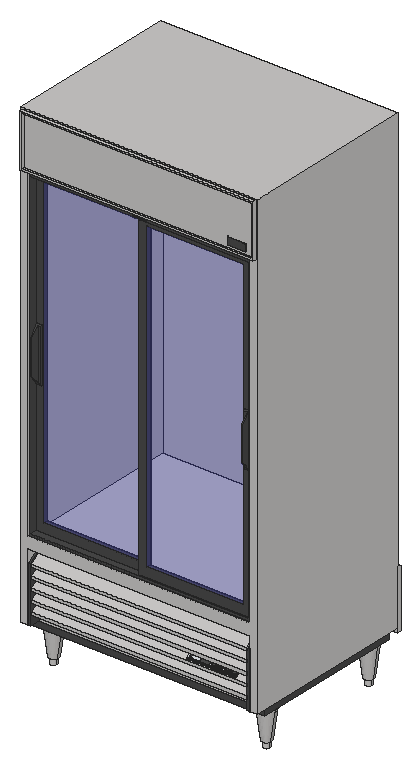
Revit family "QF_TRUE_TSD-33G-HC-LD", category Specialty Equipment, Revit 2016
Family settings
  Part Type = Normal
  Round Connector Dimension = Use Diameter
  Work Plane-Based = No
  Always vertical = Yes
  Cut with Voids When Loaded = No
  Shared = No
  Room Calculation Point = No
Parameters
  Weight in Pounds = 370
  Watts = if(Phase = 3, Volts * FL Amps * 1.73, Volts * FL Amps)  # 747.5 W
  Volts = 115 V
  URL Cutsheet = ""
  Specification by User = ""
  Specification by Manufacturer = ""
  Show Seismic Flanged [instance] = no
  Show Logo [instance] = no
  Show Legs [instance] = yes
  Show 2.5 Inches Castors [instance] = no
  Serial Number = ""
  Seismic Rating = ""
  Seismic Flanged [instance] = and(Show Seismic Flanged, not(Show 4 Inches Castors))  # no
  SMACNA No = ""
  Revision Code = ""
  Phase = 1
  Number of Poles = 1
  NAFEM Spec ID Number = ""
  Model = "TSD-33G-HC-LD"
  Min Ckt Ampacity = 0 A
  Max Overcurrent Protection = 0 A
  Masterspec = ""
  Manufacturer = "TRUE"
  Length = 39 1/2"
  Legs [instance] = and(not(Show 2.5 Inches Castors), or(Show Legs, Show Seismic Flanged))  # yes
  Item Number = ""
  Installed By = ""
  Identify Quantity as Lot = yes
  Height = 84 3/8"
  HP = "1/2"
  Furnished By = ""
  Foodservice Equipment Identifier = yes
  FL Amps = 6.5 A
  Electrical Remarks = ""
  Electric Connection Type = ""
  Elec Conn RI Height = 0"
  Elec Conn Connection Height = 0"
  Description = "REACH-IN SOLID SLIDE DOOR REFRIGERATOR WITH HYDROCARBON REFRIGERANT & LED LIGHTING"
  Depth = 29 13/16"
  Cycle = 60 Hz
  Conn Plug = "NEMA 5-15P"
  Conn Conduit = yes
  Show 4 Inches Castors [instance] = if(Show 2.5 Inches Castors, or(Show Legs, Show Seismic Flanged), if(Show Seismic Flanged, Show Legs, not(or(Show Legs, Show Seismic Flanged, Show 2.5 Inches Castors))))  # no
  CSI MasterFormat = ""
  Base Height [instance] = if(Show 4 Inches Castors, 4", if(Show 2.5 Inches Castors, 2 1/2", if(Show Legs, 6 1/16", if(Show Seismic Flanged, 6 1/16", 4"))))  # 6 1/16"
  Apparent Power = if(Phase = 3, Volts * FL Amps * 1.73, Volts * FL Amps)  # 747.5 VA
  2.5 Inches Castors [instance] = and(Show 2.5 Inches Castors, not(Show 4 Inches Castors))  # no
Reference planes (in)
  plane 1 "BACK": y = 0
  plane 2: z = 0
  plane 3 "LEFT": x = 0
  plane 4 "RIGHT": x = 39.5
  plane 5 "FRONT": y = -29.8125
  plane 6 "TOP": z = 84.375
  plane 7 "Center Y": x = 19.75
  plane 8 "Center X": y = -14.90625
  plane 9: z = 6.0625
  plane 10: y = 0.5
  plane 11: x = 2
  plane 12: x = 37.5
  plane 13: y = -24.90625
  plane 14: y = -3.59375
Dimensions and locks (in)
  equal spacing: plane 3 "LEFT", plane 7 "Center Y", plane 4 "RIGHT"
  "Length": plane 3 "LEFT" to plane 4 "RIGHT"
  equal spacing: plane 5 "FRONT", plane 8 "Center X", plane 1 "BACK"
  "Depth": plane 5 "FRONT" to plane 1 "BACK"
  "Height": plane 6 "TOP" to level
  "Base Height": plane 9 to plane 2
  aligned and locked: level to plane 2
  aligned and locked: plane 9 to nested 1
Nested families (in)
  nested 1: "TSD-33G-HC-LD" at (0, -0.25, 0.0625), type "TSD-33G-HC-LD"
    with Type Mark "", Specification by User "", Revision Code "", Logo yes, Item Number "", Installed By "", Identify Quantity as Lot yes, Furnished By "", Foodservice Equipment Identifier yes
  nested 2: "TRUE_L6_C3.25" at (2, -24.90625, 0), Show Casters <- "Show 4 Inches Castors", Seismic Plate <- "Seismic Flanged", Legs <- "Legs", 2.5 Inches Caster <- "2.5 Inches Castors", type "TRUE_L6_C3.25"
    with Type Mark "", Specification by User "", Show Casters no, Seismic Plate no, Revision Code "", Legs yes, Item Number "", Installed By "", Identify Quantity as Lot yes, Furnished By "", Foodservice Equipment Identifier yes, 2.5 Inches Caster no
  nested 3: "TRUE_L6_C3.25" at (37.5, -24.90625, 0), Show Casters <- "Show 4 Inches Castors", Seismic Plate <- "Seismic Flanged", Legs <- "Legs", 2.5 Inches Caster <- "2.5 Inches Castors", type "TRUE_L6_C3.25"
    with Type Mark "", Specification by User "", Show Casters no, Seismic Plate no, Revision Code "", Legs yes, Item Number "", Installed By "", Identify Quantity as Lot yes, Furnished By "", Foodservice Equipment Identifier yes, 2.5 Inches Caster no
  nested 4: "TRUE_L6_C3.25" at (2, -3.59375, 0), Show Casters <- "Show 4 Inches Castors", Seismic Plate <- "Seismic Flanged", Legs <- "Legs", 2.5 Inches Caster <- "2.5 Inches Castors", type "TRUE_L6_C3.25"
    with Type Mark "", Specification by User "", Show Casters no, Seismic Plate no, Revision Code "", Legs yes, Item Number "", Installed By "", Identify Quantity as Lot yes, Furnished By "", Foodservice Equipment Identifier yes, 2.5 Inches Caster no
  nested 5: "TRUE_L6_C3.25" at (37.5, -3.59375, 0), Show Casters <- "Show 4 Inches Castors", Seismic Plate <- "Seismic Flanged", Legs <- "Legs", 2.5 Inches Caster <- "2.5 Inches Castors", type "TRUE_L6_C3.25"
    with Type Mark "", Specification by User "", Show Casters no, Seismic Plate no, Revision Code "", Legs yes, Item Number "", Installed By "", Identify Quantity as Lot yes, Furnished By "", Foodservice Equipment Identifier yes, 2.5 Inches Caster no
Connectors (in)
  electrical at (19.75, 0.5, 11.625), driven by "Volts", driven by "Watts"
    settings: on nested 1, index 1, voltage 115 V, apparent load 747.5 VA, apparent load phase1 0 VA, apparent load phase2 0 VA, apparent load phase3 0 VA, power factor 1, load classification "Other", number of poles 1, system type 30, power factor state 1, is connector primary yes, connector utility no, sub classification motor no, connector description "ELECTRICAL CONNECTION"
Definition of nested family "TSD-33G-HC-LD"
  Parameters (values of type "TSD-33G-HC-LD")
    URL = "www.truemfg.com"
    Type Mark [instance] = ""
    Type Comments = "www.truemfg.com"
    Specification by User [instance] = ""
    Specification by Manufacturer = ""
    Serial Number = ""
    Seismic Rating = ""
    SMACNA No = ""
    Revision Code [instance] = ""
    Omniclass Number and Title = ""
    NAFEM Spec ID Number = ""
    Model = ""
    MasterSpec. = ""
    Manufacturer = "TRUE FOOD SERVICE EQUIPMENT, INC."
    Logo [instance] = yes
    Item Number [instance] = ""
    Installed By [instance] = ""
    Identify Quantity as Lot [instance] = yes
    Furnished By [instance] = ""
    Foodservice Equipment Identifier [instance] = yes
    Description = ""
    CSI MasterFormat = ""
    CSI Master Format = ""
    Assembly Code = ""
  Reference planes (in)
    plane 1: z = 0
    plane 2 "LEFT": x = 0
    plane 3 "RIGHT": x = 39.5
    plane 4 "FRONT": y = -29.5625
    plane 5 "TOP": z = 84.3125
    plane 6: z = 6
    plane 7: y = -36.15965
    plane 8: y = -36.15965
    plane 9: y = -36.15965
    plane 10: y = 0.25
    plane 11: y = 0.75
  Forms (in)
    Extrusion 1, solid
      sketch origin (0, 0, 1) x (0, 1, 0) y (0, 0, 1)
        loop
          line (-1, 6.375) -> (-27, 6.375) -> (-27, 5) -> (-1, 5) -> (-1, 6.375)
      from 0.5 to 39
    Extrusion 2, solid
      sketch origin (0, -29.875, 0) x (1, 0, 0) y (0, 0, 1)
        loop
          line (0, 84.3125) -> (0, 7.375) -> (1.25, 7.375) -> (1.25, 18.625) -> (38.25, 18.625) -> (38.25, 7.375) -> (39.5, 7.375) -> (39.5, 84.3125) -> (0, 84.3125)
        loop
          line (1.25, 75) -> (1.25, 20.625) -> (38.25, 20.625) -> (38.25, 75) -> (1.25, 75)
      from -28.875 to -0.8125
    Extrusion 3, solid
      sketch origin (0, 0, 0) x (1, 0, 0) y (0, 0, 1)
        loop
          line (0, 84.3125) -> (0, 7.375) -> (39.5, 7.375) -> (39.5, 84.3125) -> (0, 84.3125)
      from -0.25 to 1
    Extrusion 4, solid
      sketch origin (0, -2.45545, 4.4375) x (0, 1, 0) y (0, 0, 1)
        loop
          line (-26.60705, 6.357) -> (-24.90393, 7.56798) -> (-24.90393, 6.22746) -> (-26.60705, 5.01648) -> (-26.60705, 4.55635) -> (-24.90393, 5.76733) -> (-24.90393, 2.9375) -> (-24.04455, 2.9375) -> (-24.04455, 14.1875) -> (-24.90393, 14.1875) -> (-24.90393, 13.42723) -> (-26.60705, 12.21625) -> (-26.60705, 11.75612) -> (-24.90393, 12.9671) -> (-24.90393, 11.62658) -> (-26.60705, 10.4156) -> (-26.60705, 9.95547) -> (-24.90393, 11.16645) -> (-24.90393, 9.82592) -> (-26.60705, 8.61494) -> (-26.60705, 8.14374) -> (-24.90393, 9.35472) -> (-24.90393, 8.01419) -> (-26.60705, 6.80321) -> (-26.60705, 6.357)
      from 1.75 to 37.75
    Extrusion 5, solid
      sketch origin (-0.25, -2.45545, 4.4375) x (0, 1, 0) y (0, 0, 1)
        loop
          line (-24.90393, 13.42723) -> (-26.60705, 12.21625) -> (-26.60705, 2.9375) -> (-24.04455, 2.9375) -> (-24.04455, 14.17051) -> (-24.90393, 14.17051) -> (-24.90393, 13.42723)
      from 1.5 to 2
    Extrusion 6, solid
      sketch origin (39.75, -2.45545, 4.4375) x (0, 1, 0) y (0, 0, -1)
        loop
          line (-24.90393, -14.17051) -> (-24.04455, -14.17051) -> (-24.04455, -2.9375) -> (-26.60705, -2.9375) -> (-26.60705, -12.21625) -> (-24.90393, -13.42723) -> (-24.90393, -14.17051)
      from 1.5 to 2
    Extrusion 7, solid
      sketch origin (0, -29.5625, 0) x (1, 0, 0) y (0, 0, 1)
        loop
          line (0.5625, 75.4375) -> (38.9375, 75.4375) -> (38.9375, 83.8125) -> (0.5625, 83.8125) -> (0.5625, 75.4375)
        loop
          line (39.1875, 75.1875) -> (39.1875, 84.0625) -> (0.3125, 84.0625) -> (0.3125, 75.1875) -> (39.1875, 75.1875)
      from -0.5 to 0
    Extrusion 8, solid
      sketch origin (0, -28.9375, 0) x (1, 0, 0) y (0, 0, 1)
        loop
          line (2.75265, 73.5) -> (2.75265, 22.5) -> (18.87765, 22.5) -> (18.87765, 73.5) -> (2.75265, 73.5)
        loop
          line (1.50265, 21) -> (20.12765, 21) -> (20.12765, 75) -> (1.50265, 75) -> (1.50265, 21)
      from -1.90983 to -1.20983
    Extrusion 9, solid
      sketch origin (17.8697, -29.77233, 0) x (1, 0, 0) y (0, 0, 1)
        loop
          line (2.75265, 73.5) -> (2.75265, 22.5) -> (18.87765, 22.5) -> (18.87765, 73.5) -> (2.75265, 73.5)
        loop
          line (1.50265, 21) -> (20.12765, 21) -> (20.12765, 75) -> (1.50265, 75) -> (1.50265, 21)
      from -1.90983 to -1.20983
    Extrusion 10, solid
      sketch origin (0, -28.9375, 1) x (1, 0, 0) y (0, 0, 1)
        loop
          line (2.75265, 72.5) -> (2.75265, 21.5) -> (18.87765, 21.5) -> (18.87765, 72.5) -> (2.75265, 72.5)
      from -1.90983 to -1.20983
    Extrusion 11, solid
      sketch origin (17.8697, -29.77233, 1) x (1, 0, 0) y (0, 0, 1)
        loop
          line (2.75265, 72.5) -> (2.75265, 21.5) -> (18.87765, 21.5) -> (18.87765, 72.5) -> (2.75265, 72.5)
      from -1.90983 to -1.20983
    Extrusion 12, solid
      sketch origin (0, -28.9375, 0) x (1, 0, 0) y (0, 0, 1)
        loop
          line (1.50265, 74.375) -> (1.50265, 21) -> (37.99735, 21) -> (37.99735, 74.375) -> (1.50265, 74.375)
        loop
          line (1.25, 20.625) -> (38.25, 20.625) -> (38.25, 75) -> (1.25, 75) -> (1.25, 20.625)
      from -2.125 to 0
    Extrusion 13, solid
      sketch origin (0, 0.9375, 0) x (1, 0, 0) y (0, 1, 0)
        loop
          line (1.71617, -28.6875) -> (1.71617, -30) -> (1.91617, -30) -> (1.91617, -28.8875) -> (2.46617, -28.8875) -> (2.46617, -28.6875) -> (1.71617, -28.6875)
      from 42.905 to 52.00141
    Extrusion 14, solid
      sketch origin (12.6875, -4.5625, 8.43646) x (1, 0, 0) y (0, 0, 1)
        loop
          line (21.9155, 68.62885) -> (21.9155, 67.37885) -> (24.9155, 67.37885) -> (24.9155, 68.62885) -> (21.9155, 68.62885)
      from 24.5 to 24.58496
    Extrusion 15, void
      sketch origin (0, 0.9375, 0) x (0, 1, 0) y (0, 0, 1)
        loop
          line (-30, 50.26512) -> (-28.6875, 52.00141) -> (-30, 52.00141) -> (-30, 50.26512)
        loop
          line (-30, 44.64129) -> (-30, 42.905) -> (-28.6875, 42.905) -> (-30, 44.64129)
      from 1.71617 to 2.46617
    Extrusion 16, solid
      sketch origin (39.5, 0.125, 0) x (-1, 0, 0) y (0, -1, 0)
        loop
          line (1.71617, 28.6875) -> (2.46617, 28.6875) -> (2.46617, 28.8875) -> (1.91617, 28.8875) -> (1.91617, 30) -> (1.71617, 30) -> (1.71617, 28.6875)
      from 42.905 to 52.00141
    Extrusion 17, void
      sketch origin (39.5, 0.125, 0) x (0, 1, 0) y (0, 0, -1)
        loop
          line (-30, -50.26512) -> (-30, -52.00141) -> (-28.6875, -52.00141) -> (-30, -50.26512)
        loop
          line (-30, -44.64129) -> (-28.6875, -42.905) -> (-30, -42.905) -> (-30, -44.64129)
      from 1.71617 to 2.46617
    Extrusion 18, solid, visible <- "Logo"
      sketch origin (13.58104, 5.83047, 43.96283) x (1, 0, 0) y (0, 0, 1)
        loop
          line (4.75096, 30.92458) -> (4.7107, 30.83825) -> (5.24616, 30.83825)
          arc (5.24616, 30.83825) -> (5.25703, 30.81904) -> (5.24616, 30.79982) r 0.02243
          line (5.24616, 30.79982) -> (5.1065, 30.50032)
          arc (5.1065, 30.50032) -> (5.10529, 30.47258) -> (5.12405, 30.45211) r 0.03628
          line (5.12405, 30.45211) -> (5.46643, 30.45211)
          arc (5.46643, 30.45211) -> (5.50967, 30.46574) -> (5.53726, 30.50171) r 0.07537
          line (5.53726, 30.50171) -> (5.64717, 30.7374) -> (5.74815, 30.7374)
          arc (5.74815, 30.7374) -> (5.77464, 30.72766) -> (5.77081, 30.69969) r 0.02252
          line (5.77081, 30.69969) -> (5.67884, 30.50248)
          arc (5.67884, 30.50248) -> (5.68027, 30.46973) -> (5.70792, 30.45211) r 0.0355
          line (5.70792, 30.45211) -> (6.00877, 30.45211)
          arc (6.00877, 30.45211) -> (6.03182, 30.4605) -> (6.04408, 30.48174) r 0.03586
          arc (6.04408, 30.48174) -> (6.05276, 30.46079) -> (6.07372, 30.45211) r 0.02963
          line (6.07372, 30.45211) -> (6.26421, 30.45211)
          arc (6.26421, 30.45211) -> (6.28621, 30.45801) -> (6.30232, 30.47412) r 0.04401
          arc (6.30232, 30.47412) -> (6.31003, 30.4555) -> (6.32865, 30.44778) r 0.02633
          line (6.32865, 30.44778) -> (6.59938, 30.44778)
          arc (6.59938, 30.44778) -> (6.62152, 30.45695) -> (6.63069, 30.47909) r 0.0313
          arc (6.63069, 30.47909) -> (6.65098, 30.4588) -> (6.67869, 30.45137) r 0.05543
          line (6.67869, 30.45137) -> (7.18584, 30.45137) -> (7.24217, 30.54894) -> (6.73064, 30.54894)
          arc (6.73064, 30.54894) -> (6.71652, 30.55873) -> (6.716, 30.57591) r 0.01908
          line (6.716, 30.57591) -> (6.73629, 30.61943) -> (6.9242, 30.61943)
          arc (6.9242, 30.61943) -> (6.95969, 30.62894) -> (6.98567, 30.65492) r 0.07098
          line (6.98567, 30.65492) -> (7.03329, 30.7374)
          arc (7.03329, 30.7374) -> (7.03329, 30.78143) -> (6.99517, 30.80344) r 0.04402
          line (6.99517, 30.80344) -> (6.82163, 30.80344)
          arc (6.82163, 30.80344) -> (6.7774, 30.79592) -> (6.74653, 30.76335) r 0.07088
          line (6.74653, 30.76335) -> (6.66407, 30.5865)
          arc (6.66407, 30.5865) -> (6.63973, 30.55478) -> (6.6016, 30.54276) r 0.06648
          line (6.6016, 30.54276) -> (6.4216, 30.54276)
          arc (6.4216, 30.54276) -> (6.40005, 30.56628) -> (6.40144, 30.59814) r 0.04167
          line (6.40144, 30.59814) -> (6.49717, 30.80344) -> (6.43624, 30.80344) -> (6.33482, 30.58594)
          arc (6.33482, 30.58594) -> (6.31512, 30.56025) -> (6.28424, 30.55052) r 0.05382
          line (6.28424, 30.55052) -> (6.16012, 30.55052)
          arc (6.16012, 30.55052) -> (6.13914, 30.57786) -> (6.14364, 30.61201) r 0.04502
          line (6.14364, 30.61201) -> (6.2329, 30.80344) -> (6.16998, 30.80344) -> (6.06724, 30.5831)
          arc (6.06724, 30.5831) -> (6.04339, 30.55925) -> (6.01081, 30.55052) r 0.06516
          line (6.01081, 30.55052) -> (5.83107, 30.55052)
          arc (5.83107, 30.55052) -> (5.79879, 30.56557) -> (5.79568, 30.60106) r 0.03562
          line (5.79568, 30.60106) -> (5.85476, 30.72776) -> (5.93828, 30.72776)
          arc (5.93828, 30.72776) -> (5.95237, 30.77023) -> (5.98236, 30.80344) r 0.10884
          line (5.98236, 30.80344) -> (5.65601, 30.80344)
          arc (5.65601, 30.80344) -> (5.61974, 30.7954) -> (5.59465, 30.76801) r 0.06177
          line (5.59465, 30.76801) -> (5.50619, 30.57831)
          arc (5.50619, 30.57831) -> (5.48585, 30.55797) -> (5.45806, 30.55052) r 0.05557
          line (5.45806, 30.55052) -> (5.26322, 30.55052)
          arc (5.26322, 30.55052) -> (5.24802, 30.57107) -> (5.25091, 30.59647) r 0.03488
          line (5.25091, 30.59647) -> (5.37947, 30.83825) -> (5.70382, 30.83825) -> (5.74408, 30.92458) -> (5.41972, 30.92458) -> (5.45997, 31.0109) -> (5.34459, 31.0109) -> (5.30434, 30.92458) -> (4.75096, 30.92458)
        loop
          line (6.7997, 30.72507) -> (6.78025, 30.67212) -> (6.93883, 30.67212) -> (6.95026, 30.72507) -> (6.7997, 30.72507)
      from 34.76797 to 34.83173
    Extrusion 19, solid
      sketch origin (39.5, -29.375, 84.3125) x (0, 0, -1) y (0, 1, 0)
        loop
          line (77.625, 29.625) -> (77.625, 30.125) -> (67.875, 30.125) -> (67.375, 29.625) -> (77.625, 29.625)
      from 0 to -39.5
  Cuts and joins
    Extrusion 15, Extrusion 17 cuts Extrusion 2
    Extrusion 15, Extrusion 17 cuts Extrusion 3
    joined: Extrusion 2, Extrusion 3
    Extrusion 15, Extrusion 17 cuts Extrusion 12
    Extrusion 15, Extrusion 17 cuts Extrusion 13
    Extrusion 17 cuts Extrusion 16
  Lines and regions (in)
    symbolic lines
      curve 1: line (0, 0.25, 0) -> (39.5, 0.25, 0)
      curve 2: line (0, -29.0625, 0) -> (0, 0.25, 0)
      curve 3: line (39.5, -29.0625, 0) -> (0, -29.0625, 0)
      curve 4: line (39.5, 0.25, 0) -> (39.5, -29.0625, 0)
      curve 5: line (39.1875, -29.5625, 0) -> (39.1875, -29.0625, 0)
      curve 6: line (39.1875, -29.5625, 0) -> (0.3125, -29.5625, 0)
      curve 7: line (0.3125, -29.5625, 0) -> (0.3125, -29.0625, 0)
  Dimensions and locks (in)
    plane 2 "LEFT" to plane 3 "RIGHT" = 39 1/2"
    locked: Extrusion 1 sketch curve to Extrusion 1 sketch curve at 1.375
    plane 6 to level = 6"
    plane 3 "RIGHT" to plane 2 "LEFT" = 39 1/2"
    plane 4 "FRONT" to plane 10 = 29 13/16"
    plane 10 to plane 11 = 1/2"
    Extrusion 19 to cut or joined group of Extrusion 2, Extrusion 3, Extrusion 15, Extrusion 17 to plane 4 "FRONT" = 1/2", 29 13/16"
    aligned and locked: level to plane 1
    aligned and locked: Extrusion 2 to Extrusion 3
    aligned and locked: Extrusion 5 to Extrusion 4
    aligned and locked: Extrusion 4 to Extrusion 6
    aligned and locked: Extrusion 15 to cut or joined group of Extrusion 13, Extrusion 15, Extrusion 17
    aligned and locked: Extrusion 4 sketch curve to Extrusion 5
    aligned and locked: Extrusion 6 sketch curve to Extrusion 5
  Nested families (in)
    nested 1: "QF_LOGO_TRUE" at (27.58114, -28.82096, 11.41246), visible <- "Logo", type "QF_LOGO_TRUE", detail levels medium+fine
      with Show Logo yes
  Definition of nested family "QF_LOGO_TRUE"
    Parameters (values of type "QF_LOGO_TRUE")
      Show Logo [instance] = yes
    Reference planes (in)
      plane 1 "Center (Front/Back)": y = 0
      plane 2: z = 0
      plane 3 "Center (Left/Right)": x = 0
    Forms (in)
      Extrusion 1, solid, visible <- "Show Logo"
        sketch origin (-78.34647, -4.72047, -46.01591) x (1, 0, 0) y (0, 0.815027, 0.579423)
          loop
            line (81.15226, 31.65456) -> (81.07353, 31.48573) -> (82.12083, 31.48573)
            arc (82.12083, 31.48573) -> (82.14208, 31.44814) -> (82.12083, 31.41055) r 0.04386
            line (82.12083, 31.41055) -> (81.84767, 30.82478)
            arc (81.84767, 30.82478) -> (81.84531, 30.77052) -> (81.882, 30.73048) r 0.07096
            line (81.882, 30.73048) -> (82.55165, 30.73048)
            arc (82.55165, 30.73048) -> (82.63621, 30.75714) -> (82.69019, 30.82748) r 0.14742
            line (82.69019, 30.82748) -> (82.90515, 31.28847) -> (83.10265, 31.28847)
            arc (83.10265, 31.28847) -> (83.15447, 31.26942) -> (83.14697, 31.21472) r 0.04405
            line (83.14697, 31.21472) -> (82.9671, 30.82899)
            arc (82.9671, 30.82899) -> (82.9699, 30.76493) -> (83.02398, 30.73048) r 0.06943
            line (83.02398, 30.73048) -> (83.6124, 30.73048)
            arc (83.6124, 30.73048) -> (83.65748, 30.74689) -> (83.68147, 30.78844) r 0.07014
            arc (83.68147, 30.78844) -> (83.69845, 30.74745) -> (83.73943, 30.73048) r 0.05796
            line (83.73943, 30.73048) -> (84.112, 30.73048)
            arc (84.112, 30.73048) -> (84.15504, 30.74201) -> (84.18655, 30.77352) r 0.08608
            arc (84.18655, 30.77352) -> (84.20164, 30.7371) -> (84.23806, 30.72202) r 0.0515
            line (84.23806, 30.72202) -> (84.76757, 30.72202)
            arc (84.76757, 30.72202) -> (84.81086, 30.73995) -> (84.8288, 30.78324) r 0.06122
            arc (84.8288, 30.78324) -> (84.86848, 30.74355) -> (84.92269, 30.72903) r 0.10842
            line (84.92269, 30.72903) -> (85.91461, 30.72903) -> (86.02479, 30.91987) -> (85.0243, 30.91987)
            arc (85.0243, 30.91987) -> (84.99669, 30.93902) -> (84.99566, 30.97261) r 0.03732
            line (84.99566, 30.97261) -> (85.01297, 31.00972)
            arc (85.01297, 31.00972) -> (85.03954, 31.04453) -> (85.0813, 31.05774) r 0.07263
            line (85.0813, 31.05774) -> (85.40289, 31.05774)
            arc (85.40289, 31.05774) -> (85.4723, 31.07633) -> (85.52311, 31.12715) r 0.13882
            line (85.52311, 31.12715) -> (85.61625, 31.28847)
            arc (85.61625, 31.28847) -> (85.61625, 31.37458) -> (85.54168, 31.41763) r 0.08611
            line (85.54168, 31.41763) -> (85.20227, 31.41763)
            arc (85.20227, 31.41763) -> (85.11574, 31.40294) -> (85.05538, 31.33923) r 0.13863
            line (85.05538, 31.33923) -> (84.89409, 30.99333)
            arc (84.89409, 30.99333) -> (84.84649, 30.9313) -> (84.77191, 30.90778) r 0.13002
            line (84.77191, 30.90778) -> (84.41984, 30.90778)
            arc (84.41984, 30.90778) -> (84.3777, 30.95378) -> (84.38042, 31.0161) r 0.08151
            line (84.38042, 31.0161) -> (84.56766, 31.41763) -> (84.44849, 31.41763) -> (84.25012, 30.99222)
            arc (84.25012, 30.99222) -> (84.21158, 30.94199) -> (84.15119, 30.92296) r 0.10527
            line (84.15119, 30.92296) -> (83.90842, 30.92296)
            arc (83.90842, 30.92296) -> (83.8674, 30.97642) -> (83.87619, 31.04323) r 0.08805
            line (83.87619, 31.04323) -> (84.05078, 31.41763) -> (83.92772, 31.41763) -> (83.72676, 30.98668)
            arc (83.72676, 30.98668) -> (83.68011, 30.94003) -> (83.61639, 30.92296) r 0.12745
            line (83.61639, 30.92296) -> (83.26484, 30.92296)
            arc (83.26484, 30.92296) -> (83.2017, 30.9524) -> (83.19563, 31.0218) r 0.06967
            line (83.19563, 31.0218) -> (83.31118, 31.26961) -> (83.47452, 31.26961)
            arc (83.47452, 31.26961) -> (83.50209, 31.35268) -> (83.56075, 31.41763) r 0.21289
            line (83.56075, 31.41763) -> (82.92244, 31.41763)
            arc (82.92244, 31.41763) -> (82.85151, 31.40191) -> (82.80242, 31.34834) r 0.12081
            line (82.80242, 31.34834) -> (82.6294, 30.9773)
            arc (82.6294, 30.9773) -> (82.58962, 30.93752) -> (82.53528, 30.92296) r 0.10869
            line (82.53528, 30.92296) -> (82.1542, 30.92296)
            arc (82.1542, 30.92296) -> (82.12446, 30.96315) -> (82.13012, 31.01283) r 0.06822
            line (82.13012, 31.01283) -> (82.38156, 31.48573) -> (83.01596, 31.48573) -> (83.09469, 31.65456) -> (82.46029, 31.65456) -> (82.53902, 31.8234) -> (82.31334, 31.8234) -> (82.23461, 31.65456) -> (81.15226, 31.65456)
          loop
            arc (85.15937, 31.26434) -> (85.13191, 31.25698) -> (85.1118, 31.23688) r 0.05494
            line (85.1118, 31.23688) -> (85.09547, 31.18665)
            arc (85.09547, 31.18665) -> (85.10304, 31.16837) -> (85.12133, 31.16079) r 0.02586
            line (85.12133, 31.16079) -> (85.39889, 31.16079)
            arc (85.39889, 31.16079) -> (85.41888, 31.16523) -> (85.43513, 31.1777) r 0.04731
            line (85.43513, 31.1777) -> (85.44863, 31.2402)
            arc (85.44863, 31.2402) -> (85.44466, 31.25693) -> (85.42914, 31.26434) r 0.01994
            line (85.42914, 31.26434) -> (85.15937, 31.26434)
          loop
            line (78.62961, 30.74125) -> (80.12032, 30.74125) -> (80.73891, 31.81268) -> (79.2482, 31.81268) -> (78.62961, 30.74125)
        from 34.76797 to 34.83173
      Extrusion 2, solid, visible <- "Show Logo"
        sketch origin (-142.84857, -7.0493, -47.64949) x (1, 0, 0) y (0, 0.815027, 0.579423)
          loop
            line (150.81107, 34.71978) -> (142.98607, 34.71978) -> (142.98607, 33.4921) -> (150.81107, 33.4921) -> (150.81107, 34.71978)
        from 34.75108 to 34.78125
      Extrusion 3, solid, visible <- "Show Logo"
        sketch origin (-142.84857, -7.0493, -47.64949) x (1, 0, 0) y (0, 0.815027, 0.579423)
          loop
            line (150.94857, 34.85727) -> (142.84857, 34.85727) -> (142.84857, 33.3546) -> (150.94857, 33.3546) -> (150.94857, 34.85727)
          loop
            line (142.98607, 34.71978) -> (142.98607, 33.4921) -> (150.81107, 33.4921) -> (150.81107, 34.71978) -> (142.98607, 34.71978)
        from 34.75108 to 34.81376
      Extrusion 4, solid, not visible
        sketch origin (121.45701, -16.5, 4.98235) x (1, 0, 0) y (0, 0, 1)
          loop
            line (25.20115, 35.89949) -> (25.20115, 33.96647) -> (30.95381, 33.96647) -> (30.95381, 35.89949) -> (25.20115, 35.89949)
        from 31.5 to 31.54261
      Extrusion 5, solid, not visible
        sketch origin (121.45701, -16.5, 4.98235) x (1, 0, 0) y (0, 0, 1)
          loop
            line (26.7387, 34.95472) -> (26.61492, 34.49276) -> (27.038, 34.49276)
            arc (27.038, 34.49276) -> (27.13117, 34.52484) -> (27.18485, 34.60749) r 0.15134
            arc (27.18485, 34.60749) -> (27.20396, 34.68138) -> (27.22435, 34.75493) r 4.37326
            arc (27.22435, 34.75493) -> (27.23458, 34.81765) -> (27.22435, 34.88037) r 0.1974
            arc (27.22435, 34.88037) -> (27.18247, 34.93579) -> (27.11563, 34.95472) r 0.10914
            line (27.11563, 34.95472) -> (26.7387, 34.95472)
          loop
            line (26.90201, 34.80638) -> (26.84645, 34.59903) -> (26.92855, 34.59903)
            arc (26.92855, 34.59903) -> (26.98205, 34.6185) -> (27.01051, 34.6678) r 0.08322
            line (27.01051, 34.6678) -> (27.02399, 34.74424)
            arc (27.02399, 34.74424) -> (27.01491, 34.78454) -> (26.97985, 34.80638) r 0.05353
            line (26.97985, 34.80638) -> (26.90201, 34.80638)
          loop
            line (27.45336, 34.66131) -> (27.76233, 34.66131) -> (27.78859, 34.73909)
            arc (27.78859, 34.73909) -> (27.7878, 34.82039) -> (27.73107, 34.87864) r 0.10925
            arc (27.73107, 34.87864) -> (27.68233, 34.8944) -> (27.63139, 34.89974) r 0.24595
            line (27.63139, 34.89974) -> (27.46708, 34.89974)
            arc (27.46708, 34.89974) -> (27.4068, 34.88073) -> (27.3535, 34.84677) r 0.2421
            arc (27.3535, 34.84677) -> (27.2897, 34.76363) -> (27.26702, 34.66131) r 0.2421
            line (27.26702, 34.66131) -> (27.26702, 34.54477)
            arc (27.26702, 34.54477) -> (27.31618, 34.4956) -> (27.38334, 34.47761) r 0.13431
            line (27.38334, 34.47761) -> (27.59054, 34.47761)
            arc (27.59054, 34.47761) -> (27.63459, 34.48281) -> (27.67622, 34.49812) r 0.18924
            line (27.67622, 34.49812) -> (27.73102, 34.61563)
            arc (27.73102, 34.61563) -> (27.68453, 34.59565) -> (27.63566, 34.58252) r 0.35376
            arc (27.63566, 34.58252) -> (27.55885, 34.56956) -> (27.48204, 34.58252) r 0.23415
            arc (27.48204, 34.58252) -> (27.44492, 34.61362) -> (27.45336, 34.66131) r 0.04838
          loop
            line (27.4842, 34.73042) -> (27.62012, 34.73042) -> (27.62621, 34.76496)
            arc (27.62621, 34.76496) -> (27.58961, 34.80242) -> (27.53739, 34.80638) r 0.0742
            arc (27.53739, 34.80638) -> (27.49747, 34.77773) -> (27.4842, 34.73042) r 0.0742
          loop
            line (27.91616, 34.97572) -> (27.78675, 34.49276) -> (27.98645, 34.49276) -> (28.11586, 34.97572) -> (27.91616, 34.97572)
          loop
            line (28.13678, 34.66131) -> (28.08755, 34.47761) -> (28.27134, 34.47761) -> (28.32056, 34.66131) -> (28.43674, 34.66131) -> (28.47974, 34.78864) -> (28.36519, 34.78864)
            arc (28.36519, 34.78864) -> (28.35733, 34.81649) -> (28.36921, 34.84288) r 0.04231
            arc (28.36921, 34.84288) -> (28.431, 34.8652) -> (28.49617, 34.85686) r 0.13988
            line (28.49617, 34.85686) -> (28.53544, 34.97317)
            arc (28.53544, 34.97317) -> (28.39725, 34.99096) -> (28.25905, 34.97317) r 0.54546
            arc (28.25905, 34.97317) -> (28.20849, 34.91994) -> (28.18197, 34.85147) r 0.1894
            line (28.18197, 34.85147) -> (28.17089, 34.78864) -> (28.11397, 34.78864) -> (28.07985, 34.66131) -> (28.13678, 34.66131)
          loop
            arc (28.74846, 34.89756) -> (28.65884, 34.88533) -> (28.56922, 34.89756) r 0.33455
            line (28.56922, 34.89756) -> (28.45669, 34.47761) -> (28.63593, 34.47761) -> (28.74846, 34.89756)
          loop
            arc (28.60398, 35.01195) -> (28.57699, 34.97173) -> (28.60398, 34.9315) r 0.04347
            line (28.60398, 34.9315) -> (28.75755, 34.9315)
            arc (28.75755, 34.9315) -> (28.78645, 34.96687) -> (28.77911, 35.01195) r 0.0556
            line (28.77911, 35.01195) -> (28.60398, 35.01195)
          loop
            line (28.95336, 34.66131) -> (29.26233, 34.66131) -> (29.28859, 34.73909)
            arc (29.28859, 34.73909) -> (29.2878, 34.82039) -> (29.23107, 34.87864) r 0.10925
            arc (29.23107, 34.87864) -> (29.18233, 34.8944) -> (29.13139, 34.89974) r 0.24595
            line (29.13139, 34.89974) -> (28.96708, 34.89974)
            arc (28.96708, 34.89974) -> (28.9068, 34.88073) -> (28.8535, 34.84677) r 0.2421
            arc (28.8535, 34.84677) -> (28.7897, 34.76363) -> (28.76702, 34.66131) r 0.2421
            line (28.76702, 34.66131) -> (28.76702, 34.54477)
            arc (28.76702, 34.54477) -> (28.81618, 34.4956) -> (28.88334, 34.47761) r 0.13431
            line (28.88334, 34.47761) -> (29.09054, 34.47761)
            arc (29.09054, 34.47761) -> (29.13459, 34.48281) -> (29.17622, 34.49812) r 0.18924
            line (29.17622, 34.49812) -> (29.23102, 34.61563)
            arc (29.23102, 34.61563) -> (29.18453, 34.59565) -> (29.13566, 34.58252) r 0.35376
            arc (29.13566, 34.58252) -> (29.05885, 34.56956) -> (28.98204, 34.58252) r 0.23415
            arc (28.98204, 34.58252) -> (28.94492, 34.61362) -> (28.95336, 34.66131) r 0.04838
          loop
            line (28.9842, 34.73042) -> (29.12012, 34.73042) -> (29.12621, 34.76496)
            arc (29.12621, 34.76496) -> (29.08961, 34.80242) -> (29.03739, 34.80638) r 0.0742
            arc (29.03739, 34.80638) -> (28.99747, 34.77773) -> (28.9842, 34.73042) r 0.0742
          loop
            line (29.41616, 34.97572) -> (29.28675, 34.49276) -> (29.48645, 34.49276) -> (29.61586, 34.97572) -> (29.41616, 34.97572)
          loop
            line (29.99836, 34.97572) -> (29.95192, 34.80242)
            arc (29.95192, 34.80242) -> (29.94473, 34.85705) -> (29.90102, 34.89059) r 0.07199
            arc (29.90102, 34.89059) -> (29.80023, 34.89941) -> (29.70251, 34.87322) r 0.29131
            arc (29.70251, 34.87322) -> (29.61806, 34.7652) -> (29.5896, 34.63108) r 0.30433
            line (29.5896, 34.63108) -> (29.5896, 34.55572)
            arc (29.5896, 34.55572) -> (29.61075, 34.50463) -> (29.66184, 34.48348) r 0.07224
            line (29.66184, 34.48348) -> (29.78537, 34.48348)
            arc (29.78537, 34.48348) -> (29.83854, 34.51313) -> (29.88504, 34.55243) r 0.31609
            line (29.88504, 34.55243) -> (29.86905, 34.49276) -> (30.05973, 34.49276) -> (30.18914, 34.97572) -> (29.99836, 34.97572)
          loop
            arc (29.84537, 34.75931) -> (29.79424, 34.71128) -> (29.77745, 34.64317) r 0.12371
            arc (29.77745, 34.64317) -> (29.80071, 34.59901) -> (29.85056, 34.59647) r 0.05045
            arc (29.85056, 34.59647) -> (29.90141, 34.64047) -> (29.92536, 34.7033) r 0.13769
            arc (29.92536, 34.7033) -> (29.90211, 34.75521) -> (29.84537, 34.75931) r 0.05543
          loop
            line (26.45047, 35.26762) -> (26.58211, 35.26762)
            arc (26.58211, 35.26762) -> (26.60467, 35.30821) -> (26.62126, 35.35157) r 0.3277
            arc (26.62126, 35.35157) -> (26.62714, 35.39992) -> (26.60877, 35.44503) r 0.09693
            arc (26.60877, 35.44503) -> (26.56454, 35.48868) -> (26.50462, 35.50516) r 0.12312
            arc (26.50462, 35.50516) -> (26.44158, 35.50565) -> (26.37854, 35.50546) r 5.76967
            arc (26.37854, 35.50546) -> (26.07462, 35.42923) -> (25.81045, 35.26076) r 0.97743
            line (25.81045, 35.26076) -> (25.85921, 35.26076)
            arc (25.85921, 35.26076) -> (26.08494, 35.39361) -> (26.3396, 35.45485) r 0.88817
            arc (26.3396, 35.45485) -> (26.41429, 35.44188) -> (26.47267, 35.39352) r 0.14748
            arc (26.47267, 35.39352) -> (26.48041, 35.32725) -> (26.45047, 35.26762) r 0.11636
          loop
            arc (26.35412, 35.17841) -> (26.19578, 35.0555) -> (26.00982, 34.98069) r 0.72453
            arc (26.00982, 34.98069) -> (25.9036, 34.95581) -> (25.79459, 34.9604) r 0.40201
            arc (25.79459, 34.9604) -> (25.7275, 34.98819) -> (25.69972, 35.05528) r 0.09488
            arc (25.69972, 35.05528) -> (25.71867, 35.12629) -> (25.77049, 35.17841) r 0.1425
            line (25.77049, 35.17841) -> (25.73665, 35.18748)
            arc (25.73665, 35.18748) -> (25.67632, 35.09876) -> (25.66924, 34.99171) r 0.20432
            arc (25.66924, 34.99171) -> (25.71443, 34.9227) -> (25.79473, 34.90384) r 0.11116
            arc (25.79473, 34.90384) -> (25.91172, 34.89904) -> (26.02716, 34.91862) r 0.56145
            arc (26.02716, 34.91862) -> (26.27675, 35.021) -> (26.49584, 35.17841) r 1.15683
            line (26.49584, 35.17841) -> (26.35412, 35.17841)
        from 31.54261 to 31.56272
    Dimensions and locks (in)
      aligned and locked: level to plane 2
      aligned and locked: Extrusion 2 to Extrusion 3  (x2)
      aligned and locked: Extrusion 2 sketch curve to Extrusion 3
Definition of nested family "TRUE_L6_C3.25"
  Parameters (values of type "TRUE_L6_C3.25")
    Weight = ""
    URL Manufacturer = ""
    URL Cutsheet = ""
    URL = ""
    Type Mark [instance] = ""
    Specification by User [instance] = ""
    Specification by Manufacturer = ""
    Show Casters [instance] = yes
    Serial Number = ""
    Seismic Rating = ""
    Seismic Plate [instance] = no
    SMACNA No = ""
    Revision Code [instance] = ""
    Omniclass Number and Title = ""
    NAFEM Spec ID Number = ""
    Model = ""
    MasterSpec. = ""
    Manufacturer = ""
    Legs [instance] = no
    Item Number [instance] = ""
    Installed By [instance] = ""
    Identify Quantity as Lot [instance] = yes
    Furnished By [instance] = ""
    Foodservice Equipment Identifier [instance] = yes
    Description = ""
    CSI MasterFormat = ""
    CSI Master Format = ""
    Assembly Code = ""
    2.5 Inches Caster [instance] = yes
  Reference planes (in)
    plane 1: z = 0
    plane 2 "RIGHT": x = 0
    plane 3 "FRONT": y = 0
    plane 4 "TOP": z = 6.0625
    plane 5: z = 3.25
  Forms (in)
    Revolve 1, solid, visible <- "Legs"
      sketch origin (-2, 0, 0) x (1, 0, 0) y (0, 0, -1)
        loop
          line (2, -6.0625) -> (2, 0) -> (1.5, 0) -> (1.5, -1) -> (1.25, -1) -> (0.52966, -6.0625) -> (2, -6.0625)
        axis (2, 0) -> (2, -6.0625)
      angle from 0 to 360
    Extrusion 2, solid, visible <- "Seismic Plate"
      sketch origin (-3.06916, 1.69416, 0) x (1, 0, 0) y (0, 1, 0)
        loop
          circle (3.06916, -1.69416) r 1.5
      from 0 to 0.25
  Dimensions and locks (in)
    plane 4 "TOP" to level = 6 1/16"  (x2)
    plane 5 to level = 3 1/4"
    aligned and locked: level to plane 1
  Nested families (in)
    nested 1: "HATCO_4 INCHES_CASTER" at (0, 0, 0), visible <- "Show Casters", type "HATCO_4 INCHES_CASTER"
      with Type Mark "", Specification by User "", Show 4 Inches Caster yes, Revision Code "", Item Number "", Installed By "", Identify Quantity as Lot yes, Furnished By "", Foodservice Equipment Identifier yes
    nested 2: "2.5 INCHES_CASTER" at (0, 0, 0), visible <- "2.5 Inches Caster", type "2.5 INCHES_CASTER"
      with Type Mark "", Specification by User "", Revision Code "", Item Number "", Installed By "", Identify Quantity as Lot yes, Furnished By "", Foodservice Equipment Identifier yes, 2.5 Inches Caster yes
  Definition of nested family "HATCO_4 INCHES_CASTER"
    Parameters (values of type "HATCO_4 INCHES_CASTER")
      URL Manufacturer = ""
      URL Cutsheet = ""
      URL = ""
      Type Mark [instance] = ""
      Specification by User [instance] = ""
      Specification by Manufacturer = ""
      Serial Number = ""
      Seismic Rating = ""
      SMACNA No = ""
      Revision Code [instance] = ""
      Omniclass Number and Title = ""
      NAFEM Spec ID Number = ""
      Model = ""
      Manufacturer = ""
      Item Number [instance] = ""
      Installed By [instance] = ""
      Identify Quantity as Lot [instance] = yes
      Furnished By [instance] = ""
      Foodservice Equipment Identifier [instance] = yes
      Description = ""
      CSI MasterFormat = ""
      CSI Master Format = ""
      Assembly Code = ""
      Show 4 Inches Caster [instance] = yes
    Reference planes (in)
      plane 1: z = 0
      plane 2 "RIGHT": x = 0
      plane 3 "FRONT": y = 0
      plane 4 "TOP": z = 4
    Forms (in)
      Revolve 1, solid, visible <- "Show 4 Inches Caster"
        sketch origin (-1.93794, 0.83816, -1.0041) x (1, 0, 0) y (0, 0, 1)
          loop
            line (0.74055, 2.5041) -> (3.15007, 2.5041) -> (3.15007, 2.5796) -> (3.10007, 2.6296) -> (3.04007, 2.6296) -> (3.04007, 2.74967) -> (2.62438, 2.74967) -> (2.62438, 2.93884) -> (2.48438, 3.01967) -> (2.45908, 3.17597) -> (2.51563, 3.17597) -> (2.51563, 3.41035) -> (2.48438, 3.41035) -> (2.48438, 4.0041) -> (1.375, 4.0041) -> (1.375, 3.41035) -> (1.34375, 3.41035) -> (1.34375, 3.17597) -> (1.4003, 3.17597) -> (1.37557, 3.02318) -> (1.235, 2.94202) -> (1.235, 2.74967) -> (0.85055, 2.74967) -> (0.85055, 2.6296) -> (0.79055, 2.6296) -> (0.74055, 2.5796) -> (0.74055, 2.5041)
          axis (0.74055, 2.5041) -> (3.15007, 2.5041)
        angle from 0 to 360
      Extrusion 2, solid, visible <- "Show 4 Inches Caster"
        sketch origin (-1.93794, 1.80294, -1.7541) x (0, 1, 0) y (0, 0, 1)
          loop
            line (-3.08794, 5.33423) -> (-3.08794, 5.00584) -> (-2.69466, 5.00584)
            arc (-2.69466, 5.00584) -> (-1.57175, 4.94895) -> (-0.46376, 4.75787) r 9.36411
            arc (-0.46376, 4.75787) -> (-0.05889, 4.58436) -> (0.28335, 4.30705) r 1.60049
            line (0.28335, 4.30705) -> (0.34449, 4.39437)
            arc (0.34449, 4.39437) -> (0.12713, 4.6163) -> (-0.1239, 4.79931) r 1.8753
            line (-0.1239, 4.79931) -> (-0.05749, 4.91421)
            arc (-0.05749, 4.91421) -> (-0.33807, 5.05694) -> (-0.64294, 5.13542) r 1.44292
            line (-0.64294, 5.13542) -> (-0.64294, 5.33423) -> (-3.08794, 5.33423)
        from 1.1267 to 2.74918
      Revolve 3, solid, visible <- "Show 4 Inches Caster"
        sketch origin (0, 2.15543, -2.25) x (0, 1, 0) y (0, 0, 1)
          loop
            line (-2.21793, 6.25) -> (-2.21793, 5.83014) -> (-1.05793, 5.83014) -> (-1.05793, 6.25) -> (-2.21793, 6.25)
          axis (-2.21793, 5.83014) -> (-2.21793, 6.25)
        angle from 0 to 360
      Extrusion 4, solid, visible <- "Show 4 Inches Caster"
        sketch origin (-1.93794, 1.80294, -1.7541) x (0, 1, 0) y (0, 0, 1)
          loop
            line (-3.08794, 5.33423) -> (-3.08794, 5.00584) -> (-2.8913, 5.00584)
            arc (-2.8913, 5.00584) -> (-2.09118, 4.14057) -> (-1.45681, 3.14736) r 6.63355
            arc (-1.45681, 3.14736) -> (-0.85703, 2.75969) -> (-0.4561, 3.35069) r 0.5107
            arc (-0.4561, 3.35069) -> (-0.27092, 3.92503) -> (0.24034, 4.24562) r 0.88136
            line (0.24034, 4.24562) -> (0.34449, 4.39437)
            arc (0.34449, 4.39437) -> (0.12713, 4.6163) -> (-0.1239, 4.79931) r 1.8753
            line (-0.1239, 4.79931) -> (-0.05749, 4.91421)
            arc (-0.05749, 4.91421) -> (-0.33807, 5.05694) -> (-0.64294, 5.13542) r 1.44292
            line (-0.64294, 5.13542) -> (-0.64294, 5.33423) -> (-3.08794, 5.33423)
        from 2.74918 to 2.90825
      Extrusion 5, solid, visible <- "Show 4 Inches Caster"
        sketch origin (1.93794, 1.80294, -1.7541) x (0, 1, 0) y (0, 0, -1)
          loop
            line (-3.08794, -5.33423) -> (-0.64294, -5.33423) -> (-0.64294, -5.13542)
            arc (-0.64294, -5.13542) -> (-0.33807, -5.05694) -> (-0.05749, -4.91421) r 1.44292
            line (-0.05749, -4.91421) -> (-0.1239, -4.79931)
            arc (-0.1239, -4.79931) -> (0.12713, -4.6163) -> (0.34449, -4.39437) r 1.8753
            line (0.34449, -4.39437) -> (0.24034, -4.24562)
            arc (0.24034, -4.24562) -> (-0.27092, -3.92503) -> (-0.4561, -3.35069) r 0.88136
            arc (-0.4561, -3.35069) -> (-0.85703, -2.75969) -> (-1.45681, -3.14736) r 0.5107
            arc (-1.45681, -3.14736) -> (-2.09118, -4.14057) -> (-2.8913, -5.00584) r 6.63355
            line (-2.8913, -5.00584) -> (-3.08794, -5.00584) -> (-3.08794, -5.33423)
        from 2.74918 to 2.90825
    Cuts and joins
      joined: Extrusion 2, Extrusion 4, Extrusion 5
    Lines and regions (in)
      symbolic lines, visible <- "Show 4 Inches Caster"
        curve 1: line (0.28481, 2.83041, 0) -> (1.24556, 2.27572, 0)
        curve 2: line (-1.26206, 0.15114, 0) -> (-0.69281, 1.13711, 0)
        curve 3: line (-0.30132, -0.40355, 0) -> (-1.26206, 0.15114, 0)
        curve 4: line (1.24556, 2.27572, 0) -> (0.69868, 1.3285, 0)
        curve 5: line (-0.2461, 1.91084, 0) -> (0.28481, 2.83041, 0)
        curve 6: line (0.19868, 0.46248, 0) -> (-0.30132, -0.40355, 0)
    Dimensions and locks (in)
      plane 4 "TOP" to level = 4"  (x2)
      aligned and locked: level to plane 1
  Definition of nested family "2.5 INCHES_CASTER"
    Parameters (values of type "2.5 INCHES_CASTER")
      Weight = ""
      URL Manufacturer = ""
      URL Cutsheet = ""
      URL = ""
      Type Mark [instance] = ""
      Specification by User [instance] = ""
      Specification by Manufacturer = ""
      Serial Number = ""
      Seismic Rating = ""
      SMACNA No = ""
      Revision Code [instance] = ""
      Omniclass Number and Title = ""
      NAFEM Spec ID Number = ""
      Model = ""
      MasterSpec. = ""
      Manufacturer = ""
      Item Number [instance] = ""
      Installed By [instance] = ""
      Identify Quantity as Lot [instance] = yes
      Furnished By [instance] = ""
      Foodservice Equipment Identifier [instance] = yes
      Description = ""
      CSI MasterFormat = ""
      CSI Master Format = ""
      Assembly Code = ""
      2.5 Inches Caster [instance] = yes
    Reference planes (in)
      plane 1: z = 0
      plane 2 "RIGHT": x = 0
      plane 3 "FRONT": y = 0
      plane 4 "TOP": z = 2.5
    Forms (in)
      Revolve 1, solid, visible <- "2.5 Inches Caster"
        sketch origin (-1.93794, 0.83816, -1.0041) x (1, 0, 0) y (0, 0, 1)
          loop
            line (0.74055, 1.92597) -> (0.74055, 1.85047) -> (0.79055, 1.80047) -> (0.85055, 1.80047) -> (0.85055, 1.6804) -> (1.235, 1.6804) -> (1.235, 1.61305) -> (1.38673, 1.52545) -> (1.4003, 1.4416) -> (1.34375, 1.4416) -> (1.34375, 1.3166) -> (1.375, 1.3166) -> (1.375, 1.0041) -> (2.48438, 1.0041) -> (2.48438, 1.3166) -> (2.51563, 1.3166) -> (2.51563, 1.4416) -> (2.45908, 1.4416) -> (2.47322, 1.52897) -> (2.62438, 1.61624) -> (2.62438, 1.6804) -> (3.04007, 1.6804) -> (3.04007, 1.80047) -> (3.10007, 1.80047) -> (3.15007, 1.85047) -> (3.15007, 1.92597) -> (0.74055, 1.92597)
          axis (0.74055, 1.92597) -> (3.15007, 1.92597)
        angle from 0 to 360
      Extrusion 2, solid, visible <- "2.5 Inches Caster"
        sketch origin (-1.93794, 1.80294, -3.2541) x (0, 1, 0) y (0, 0, 1)
          loop
            line (-0.64294, 5.43229) -> (-0.64294, 5.55298) -> (-2.21294, 5.55298) -> (-2.21294, 5.30272) -> (-1.81966, 5.30272)
            arc (-1.81966, 5.30272) -> (-1.13638, 5.20789) -> (-0.46376, 5.05475) r 8.02767
            arc (-0.46376, 5.05475) -> (-0.19511, 4.95469) -> (0.05138, 4.80832) r 1.60049
            line (0.05138, 4.80832) -> (0.12713, 4.91318)
            arc (0.12713, 4.91318) -> (-0.07255, 5.06376) -> (-0.29048, 5.18644) r 1.8753
            line (-0.29048, 5.18644) -> (-0.22239, 5.30423)
            arc (-0.22239, 5.30423) -> (-0.42776, 5.38437) -> (-0.64294, 5.43229) r 1.44292
        from 1.17357 to 2.70231
      Revolve 3, solid, visible <- "2.5 Inches Caster"
        sketch origin (0, 2.10856, -3.75) x (0, 1, 0) y (0, 0, 1)
          loop
            line (-1.73858, 6.25) -> (-1.73858, 6.04889) -> (-1.05793, 6.04889) -> (-1.05793, 6.25) -> (-1.73858, 6.25)
          axis (-1.73858, 6.04889) -> (-1.73858, 6.25)
        angle from 0 to 360
      Extrusion 4, solid, visible <- "2.5 Inches Caster"
        sketch origin (-1.98481, 1.80294, -1.7541) x (0, 1, 0) y (0, 0, 1)
          loop
            line (-2.21294, 4.05298) -> (-2.21294, 3.80272) -> (-2.13999, 3.80272)
            arc (-2.13999, 3.80272) -> (-1.62379, 3.51899) -> (-1.39241, 2.97729) r 0.90292
            arc (-1.39241, 2.97729) -> (-1.36136, 2.78161) -> (-1.29729, 2.59413) r 1.15385
            arc (-1.29729, 2.59413) -> (-0.94802, 2.37355) -> (-0.6121, 2.61396) r 0.37001
            arc (-0.6121, 2.61396) -> (-0.59625, 2.66241) -> (-0.58446, 2.712) r 0.61695
            arc (-0.58446, 2.712) -> (-0.36134, 3.11665) -> (0.05609, 3.31484) r 0.75313
            line (0.05609, 3.31484) -> (0.12713, 3.41318)
            arc (0.12713, 3.41318) -> (-0.07255, 3.56376) -> (-0.29048, 3.68644) r 1.8753
            line (-0.29048, 3.68644) -> (-0.22239, 3.80423)
            arc (-0.22239, 3.80423) -> (-0.42776, 3.88437) -> (-0.64294, 3.93229) r 1.44292
            line (-0.64294, 3.93229) -> (-0.64294, 4.05298) -> (-2.21294, 4.05298)
        from 2.74918 to 2.90825
      Extrusion 5, solid, visible <- "2.5 Inches Caster"
        sketch origin (1.98481, 1.80294, -1.7541) x (0, 1, 0) y (0, 0, -1)
          loop
            line (-2.21294, -4.05298) -> (-0.64294, -4.05298) -> (-0.64294, -3.93229)
            arc (-0.64294, -3.93229) -> (-0.42776, -3.88437) -> (-0.22239, -3.80423) r 1.44292
            line (-0.22239, -3.80423) -> (-0.29048, -3.68644)
            arc (-0.29048, -3.68644) -> (-0.07255, -3.56376) -> (0.12713, -3.41318) r 1.8753
            line (0.12713, -3.41318) -> (0.05609, -3.31484)
            arc (0.05609, -3.31484) -> (-0.36134, -3.11665) -> (-0.58446, -2.712) r 0.75313
            arc (-0.58446, -2.712) -> (-0.59625, -2.66241) -> (-0.6121, -2.61396) r 0.61695
            arc (-0.6121, -2.61396) -> (-0.94802, -2.37355) -> (-1.29729, -2.59413) r 0.37001
            arc (-1.29729, -2.59413) -> (-1.36136, -2.78161) -> (-1.39241, -2.97729) r 1.15385
            arc (-1.39241, -2.97729) -> (-1.62379, -3.51899) -> (-2.13999, -3.80272) r 0.90292
            line (-2.13999, -3.80272) -> (-2.21294, -3.80272) -> (-2.21294, -4.05298)
        from 2.74918 to 2.90825
    Lines and regions (in)
      symbolic lines, visible <- "2.5 Inches Caster"
        curve 1: line (0.10651, 1.96132, 0) -> (0.80944, 1.55548, 0)
        curve 2: line (-0.89349, 0.22927, 0) -> (0.10651, 1.96132, 0)
        curve 3: line (-0.19056, -0.17657, 0) -> (-0.89349, 0.22927, 0)
        curve 4: line (0.80944, 1.55548, 0) -> (-0.19056, -0.17657, 0)
    Dimensions and locks (in)
      plane 4 "TOP" to level = 2 1/2"  (x2)
      aligned and locked: level to plane 1
